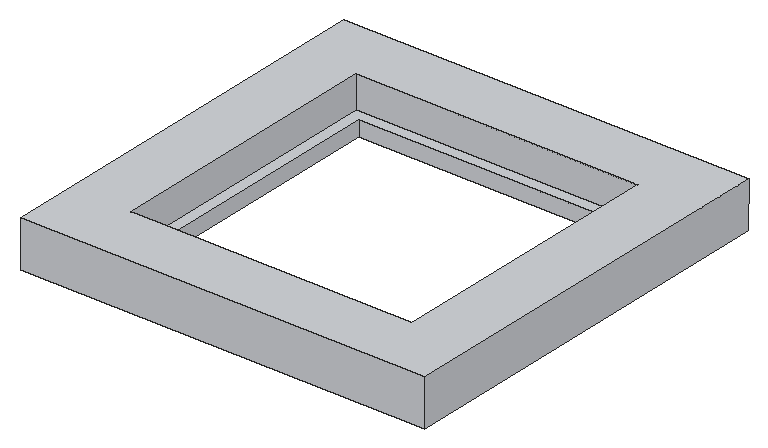
Revit family "Gira_021125", category Electrical Fixtures, host Face, Revit 2017
Family settings
  Host = Face
  Maintain Annotation Orientation = No
  Round Connector Dimension = Use Diameter
  Part Type = Normal
  Cut with Voids When Loaded = No
  Shared = No
  Room Calculation Point = No
Parameters (values of type "Cov.fr. 1-g Gira E2 c.alum.")
  With mounting grid = "No"
  With hinged lid = "No"
  URL = "http://katalog.gira.de/en/datenblatt.html?artikelnr=021125"
  Type of fastening = "Clamp mounting"
  Transparent = "No"
  Surface protection = "Other"
  Suitable for wall duct = "No"
  Suitable for flush-mounted installation = "Yes"
  Suitable for floor box = "No"
  Suitable for built-in installation = "No"
  Number of units vertical = "1"
  Number of units horizontal = "1"
  Number of units = "1"
  Name = "Cov.fr. 1-g Gira E2 c.alum."
  Mounting direction = "Horizontal and vertical"
  Material quality = "Thermoplastic"
  Material = "Plastic"
  Manufacturer URL = "https://www.gira.de/"
  Manufacturer = "Gira"
  Label space/information surface = "No"
  Keynote = ""
  HeinzeBIM = "https://bimportal.heinze.de/bim/cov-fr-1-g-gira-e2-c-alum-/3e5e5b196d4446c787ee24f29d30195417c656b3"
  Halogen free = "Yes"
  HAN = "021125"
  GTIN = "4010337211259"
  Description = "Cov.fr.1g E2 CAl,Gira E2 cover frame,colour aluminium,1-gang,Features:,- Shatter-proof.,,Notes :,- Also suitable for duct installation.,- In connection with the seal kit, frame (1-gang to 5-gang) is also suitable for installation as water-protected flush-mounted IP44."
  Degree of protection (IP) = "IP21"
  Default Elevation = 1219.2 mm
  Data sheet (1) = "https://katalog.gira.de/en/download.html?artikelnr=021125"
  Colour = "Aluminium"
  Category = "Cover frame for domestic switching devices"
  BIM (1) = "https://media.stage.bim.site/public/gira/36a6b08/E2_Rahmen_1fach.rfa"
  Available = "No"
Reference planes
  plane 1 "Center (Front/Back)": y = 0
  plane 2: z = 0
  plane 3 "Center (Left/Right)": x = 0
Forms (mm)
  Extrusion 1, solid, detail levels fine
    sketch origin (0, 0, 0) x (1, 0, 0) y (0, 1, 0)
      loop
        line (40.4, 40.4) -> (-40.4, 40.4) -> (-40.4, -40.4) -> (40.4, -40.4) -> (40.4, 40.4)
      loop
        line (-28.152, 28.1) -> (-28.152, -28.152) -> (28.1, -28.152) -> (28.1, 28.1) -> (-28.152, 28.1)
    from 0 to 9.3
  Extrusion 2, solid, detail levels fine
    sketch origin (0, 0, 0) x (1, 0, 0) y (0, 1, 0)
      loop
        line (-28.152, -28.152) -> (28.1, -28.152) -> (28.1, 28.1) -> (-28.152, 28.1) -> (-28.152, -28.152)
      loop
        line (25.7, -25.7) -> (25.7, 25.7) -> (-25.7, 25.7) -> (-25.7, -25.7) -> (25.7, -25.7)
    from 0 to 3
  Extrusion 3, solid, detail levels coarse+medium
    sketch origin (0, 0, 0) x (1, 0, 0) y (0, 1, 0)
      loop
        line (40.4, 40.4) -> (-40.4, 40.4) -> (-40.4, -40.4) -> (40.4, -40.4) -> (40.4, 40.4)
    from 0 to 9.3
Dimensions and locks
  aligned and locked: plane 2 to host face
  aligned and locked: level to host face
